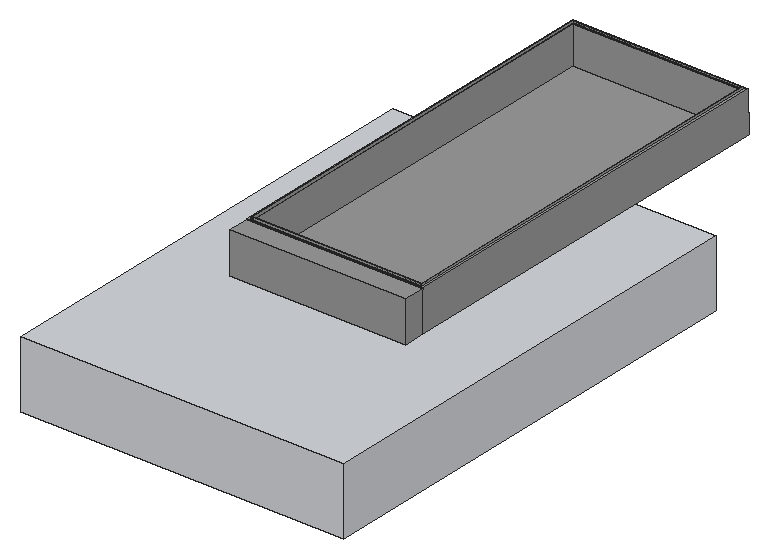
Revit family "Hager-Univers-IP30-D205-H1950-Cl.II-Encl-PL-en", category Equipement électrique, Revit 2020
Family settings
  Hôte = Face
  Configuration du panneau = Deux colonnes, circuits au sein
  Cote de connecteur circulaire = Utiliser le diamètre
  Type d'élément = Tableau de raccordement
  Couper avec des vides une fois chargée = Non
  Partagée = Non
  Point de calcul de pièce = Non
Parameters (values of type "Floor installation IP30 W800 H1950 D205  - FP23S1N")
  Width Control [instance] = if([EF000008 - Width] > Min Width, [EF000008 - Width], Min Width)  # 800 mm
  Commentaires du type = [HG000003 - Range]  # "Univers"
  Thickness Door [instance] = if([EF009171 - Material plate thickness door/cover] > 3 mm, 3 mm, [EF009171 - Material plate thickness door/cover])  # 1 mm
  Seal Frame Offset [instance] = 17 mm  # constant formula
  Plinth Visibility [instance] = [HG000027 - Plinth height] > 0 mm  # yes
  Model = ""
  Min Width [instance] = 100 mm  # constant formula
  Min Height [instance] = 100 mm  # constant formula
  Min Depth [instance] = (2 * [EF009170 - Material plate thickness cabinet]) + 1 mm  # 3 mm
  Internal Frame Depth [instance] = (Door System Depth * 0.5)  # 9 mm
  Height Control [instance] = if([EF000040 - Height] > Min Height, [EF000040 - Height], Min Height)  # 1950 mm
  HG000027 - Plinth height = 100 mm
  HG000026 - Floor standing = yes
  HG000024 - Bottom section height = 800 mm
  HG000023 - Double section enclosure = no
  HG000016 - Door 3d visibility [instance] = yes
  HG000015 - Clearance visibility [instance] = no
  HG000014 - Door on the right [instance] = yes
  HG000013 - Door on the left [instance] = not([HG000014 - Door on the right])  # no
  HG000012 - Door swing angle [instance] = 30.00°
  HG000010 - Asymmetric doors = no
  HG000009 - Double swing door = no
  HG000006 - Flush mounted = no
  HG000004 - Manufacturer reference = "FP23S1N"
  HG000003 - Range = "Univers"
  HG000002 - With door or cover = no
  Frame Offset Bottom [instance] = 10 mm  # constant formula
  Frame Offset [instance] = 15 mm  # constant formula
  EF015940 - Cover with overpressure release = no
  EF011959 - Degree of protection (NEMA) = ""
  EF009554 - Number of openings for flange plates = 6
  EF009212 - Cover model = "EV009916 - With notch"
  EF009171 - Material plate thickness door/cover = 1 mm
  EF009170 - Material plate thickness cabinet = 1 mm
  Fabricant = "Hager"  # constant formula
  EF008873 - Nominal current (In) = 400 A
  EF007800 - Suitable for lightning protection = no
  EF006306 - With lock = no
  EF006244 - Transparent cover/door = no
  EF005474 - Degree of protection (IP) = "EV006410 - IP30"
  EF004464 - Type of door = "EV000494 - None"
  EF004427 - Number of modules = 432
  EF004293 - Impact strength = "EV006813 - IK07"
  EF003532 - Suitable for outdoor use = no
  EF002950 - Width in number of modular spacings = 36
  EF001613 - Circuit integrity = "EV000494 - None"
  EF001596 - Material housing = "EV000179 - Steel"
  EF001131 - Internal depth = 130 mm
  EF001088 - Extension possible = yes
  EF000437 - Number of conduit inlets = 6
  EF000339 - Type of cover = "EV000494 - None"
  EF000266 - Number of rows = 12
  EF000218 - Built-in depth = 0 mm
  EF000118 - With mounting plate = no
  EF000116 - RAL-number = "9010"
  EF000049 - Depth = 205 mm
  EF000040 - Height = 1950 mm
  EF000008 - Width = 800 mm
  EF000007 - Colour = "EV000202 - White"
  EF000003 - Mounting method = "EV012274 - Floor installation"
  Door System Leaf Tolerance [instance] = 1.5 mm  # constant formula
  Door System Depth [instance] = 18 mm  # constant formula
  Door Height [instance] = Height Control - [HG000027 - Plinth height]  # 1850 mm
  Depth Control [instance] = if([EF000049 - Depth] > Min Depth, [EF000049 - Depth], Min Depth)  # 205 mm
  Default Elevation = 0 mm
  Connector Offset [instance] = Height Control / 2  # 975 mm
  Bottom Top Plate Trim [instance] = 1.5 mm  # constant formula
  Plinth height Ctrl [instance] = if([HG000027 - Plinth height] > 0 mm, [HG000027 - Plinth height], 12 mm)  # 100 mm
Types (4, lengths in mm): name | Width Control | HG000004 - Manufacturer reference | EF009554 - Number of openings for flange plates | EF008873 - Nominal current (In) | EF004427 - Number of modules | EF002950 - Width in number of modular spacings | EF000437 - Number of conduit inlets | EF000008 - Width
  Floor installation IP30 W1050 H1950 D205  - FP24S1N | 1050 | "FP24S1N" | 8 | 400 A | 576 | 48 | 8 | 1050
  Floor installation IP30 W300 H1950 D205  - FP21S1N | 300 | "FP21S1N" | 2 | 250 A | 144 | 12 | 2 | 300
  Floor installation IP30 W550 H1950 D205  - FP22S1N | 550 | "FP22S1N" | 4 | 400 A | 288 | 24 | 4 | 550
  Floor installation IP30 W800 H1950 D205  - FP23S1N | 800 | "FP23S1N" | 6 | 400 A | 432 | 36 | 6 | 800
Reference planes
  plane 1 "Center (Front/Back)": y = 0
  plane 2: z = 0
  plane 3 "Center (Left/Right)": x = 0
  plane 4: z = 205
  plane 5: y = 101
  plane 6: y = 1025
  plane 7: y = 100
  plane 8: y = 1950
  plane 9: z = 0
  plane 10: x = -385
  plane 11: x = 385
  plane 12: x = 384
  plane 13: x = -384
  plane 14: y = 1949
  plane 15: x = -383
  plane 16: x = -400
  plane 17: x = 383
  plane 18: x = 400
  plane 19: x = 399
  plane 20: x = -399
  plane 21: y = 111
  plane 22: y = 1950
  plane 23: y = 1934
  plane 24: z = 187
  plane 25: z = 1
  plane 26: z = 186
  plane 27: z = 204
Forms (mm)
  Extrusion 1, solid
    sketch origin (0, 0, 0) x (1, 0, 0) y (0, 1, 0)
      loop
        line (-702.964, 1305) -> (-702.964, -811.445) -> (766.763, -811.445) -> (766.763, 1305) -> (-702.964, 1305)
    from 0 to -304.8
  Extrusion 2, solid, material "Hager_Steel_RAL7035_Light_Grey", visible <- "Plinth Visibility", detail levels medium+fine
    sketch origin (0, 0, 0) x (1, 0, 0) y (0, 1, 0)
      loop
        line (-400, 0) -> (400, 0) -> (400, 100) -> (-400, 100) -> (-400, 0)
    from 0 to 187
  Extrusion 3, solid, material "Hager_Steel_RAL7035_Light_Grey", detail levels medium+fine
    sketch origin (0, 0, 0) x (1, 0, 0) y (0, 1, 0)
      loop
        line (-400, 100) -> (400, 100) -> (400, 1950) -> (-400, 1950) -> (-400, 100)
    from 0 to 187
  Extrusion 4, void
    sketch origin (0, 0, 0) x (1, 0, 0) y (0, 1, 0)
      loop
        line (-399, 101) -> (399, 101) -> (399, 1949) -> (-399, 1949) -> (-399, 101)
    from 1 to 186
  Extrusion 5, void
    sketch origin (-381.607, -4572, 187) x (0, -1, 0) y (-1, 0, 0)
      loop
        line (-4683, 2.393) -> (-6506, 2.393) -> (-6506, -765.607) -> (-4683, -765.607) -> (-4683, 2.393)
    from 0 to 1 <- "EF009170 - Material plate thickness cabinet"
  Extrusion 6, solid, material "Hager_Steel_RAL7035_Light_Grey", detail levels fine
    sketch origin (0, 0, 187) x (1, 0, 0) y (0, 1, 0)
      loop
        line (-384, 1934) -> (-384, 111) -> (384, 111) -> (384, 1934) -> (-384, 1934)
      loop
        line (-385, 110) -> (385, 110) -> (385, 1935) -> (-385, 1935) -> (-385, 110)
    from 0 to 9 <- "Internal Frame Depth"
  Extrusion 7, solid, material "Hager_Steel_RAL7035_Light_Grey", detail levels coarse
    sketch origin (0, 0, 0) x (1, 0, 0) y (0, 1, 0)
      loop
        line (-400, 0) -> (400, 0) -> (400, 1950) -> (-400, 1950) -> (-400, 0)
    from 0 to 205
  Sweep 8, void
    path in 3D
      loop
        line (-400, 100, 0) -> (400, 100, 0) -> (400, 100, 187) -> (-400, 100, 187) -> (-400, 100, 0)
    profile origin (-400, 100, 93.5) x (-1, 0, 0) y (0, -1, 0)
      loop
        line (0, 0) -> (0, 1.5) -> (-1.5, 1.5)
        arc (-1.5, 1.5) -> (-1.061, 0.439) -> (0, 0) r 1.5
Cuts and joins
  Extrusion 4, Extrusion 5 cuts Extrusion 3
  Sweep 8 cuts Extrusion 2
Lines and regions (mm)
  Masking region 1
    outline origin (0, 0, 0) x (1, 0, 0) y (0, 0, 1)
      loop
        line (-400, 205) -> (-400, 0) -> (400, 0) -> (400, 205) -> (-400, 205)
  Masking region 2, detail levels medium+fine
    outline origin (0, 140, 0) x (0, 1, 0) y (0, 0, 1)
      loop
        line (-40, 0) -> (1810, 0) -> (1810, 187) -> (-40, 187) -> (-40, 0)
  Masking region 3, not visible, detail levels medium+fine
    outline origin (0, 297.922, 0) x (0, 1, 0) y (0, 0, 1)
      loop
        line (738.578, 0) -> (778.578, 0) -> (778.578, 194)
        arc (778.578, 194) -> (775.649, 201.071) -> (768.578, 204) r 10
        line (768.578, 204) -> (738.578, 204) -> (738.578, 0)
  Masking region 4, detail levels coarse
    outline origin (0, 0, 180) x (0, 1, 0) y (0, 0, 1)
      loop
        line (0, -180) -> (1950, -180) -> (1950, 25) -> (0, 25) -> (0, -180)
  Masking region 5, visible <- "Plinth Visibility", detail levels medium+fine
    outline origin (0, 52.24, 12.345) x (0, 0, -1) y (0, 1, 0)
      loop
        line (10.845, 47.76) -> (-173.155, 47.76)
        arc (-173.155, 47.76) -> (-173.594, 46.699) -> (-174.655, 46.26) r 1.5
        line (-174.655, 46.26) -> (-174.655, -52.24) -> (12.345, -52.24) -> (12.345, 46.26)
        arc (12.345, 46.26) -> (11.285, 46.699) -> (10.845, 47.76) r 1.5
  Masking region 6, detail levels medium+fine
    outline origin (-381.607, -4572, 187) x (-1, 0, 0) y (0, -1, 0)
      loop
        line (18.393, -6522) -> (18.393, -4672) -> (-781.607, -4672) -> (-781.607, -6522) -> (18.393, -6522)
  Masking region 7, visible <- "Plinth Visibility", detail levels medium+fine
    outline origin (-381.607, -4727, 187) x (-1, 0, 0) y (0, -1, 0)
      loop
        arc (16.893, -4827) -> (17.332, -4825.939) -> (18.393, -4825.5) r 1.5
        line (18.393, -4825.5) -> (18.393, -4727) -> (-781.607, -4727) -> (-781.607, -4825.5)
        arc (-781.607, -4825.5) -> (-780.546, -4825.939) -> (-780.107, -4827) r 1.5
        line (-780.107, -4827) -> (16.893, -4827)
  Masking region 8, detail levels coarse
    outline origin (-442.548, -4669.526, 187) x (-1, 0, 0) y (0, -1, 0)
      loop
        line (-42.548, -6619.526) -> (-42.548, -4669.526) -> (-842.548, -4669.526) -> (-842.548, -6619.526) -> (-42.548, -6619.526)
  sketch lines
    curve 1: line (-400, 100, 187) -> (-400, 100, 0)
    curve 2: line (400, 100, 187) -> (-400, 100, 187)
    curve 3: line (400, 100, 187) -> (400, 100, 0)
    curve 4: line (-400, 100, 0) -> (400, 100, 0)
Dimensions and locks
  "Depth Control": plane 4 to Extrusion 1
  "HG000027 - Plinth height": plane 1 "Center (Front/Back)" to plane 7
  "EF009170 - Material plate thickness cabinet": plane 5 to plane 7
  locked: connector elem to plane 3 "Center (Left/Right)"
  equal spacing: plane 8, plane 6, plane 7
  locked: connector elem to plane 6
  "EF009170 - Material plate thickness cabinet": plane 8 to plane 14
  "EF009170 - Material plate thickness cabinet": plane 10 to plane 13
  "EF009170 - Material plate thickness cabinet": plane 12 to plane 11
  "Frame Offset": plane 20 to plane 13
  "Frame Offset": plane 12 to plane 19
  "EF009170 - Material plate thickness cabinet": plane 16 to plane 20
  "EF009170 - Material plate thickness cabinet": plane 19 to plane 18
  "Seal Frame Offset": plane 16 to plane 15
  "Seal Frame Offset": plane 17 to plane 18
  "Frame Offset Bottom": plane 21 to plane 5
  "Frame Offset": plane 14 to plane 23
  equal spacing: plane 16, plane 3 "Center (Left/Right)", plane 18
  "Width Control": plane 16 to plane 18
  "EF009170 - Material plate thickness cabinet": plane 4 to plane 27
  "EF009170 - Material plate thickness cabinet": plane 24 to plane 26
  "EF009170 - Material plate thickness cabinet": plane 25 to level
  "Door System Depth": plane 4 to plane 24
  "Height Control": plane 1 "Center (Front/Back)" to Extrusion 7 sketch curve
  "Height Control": Masking region 4 sketch curve to plane 1 "Center (Front/Back)"
  "Height Control": plane 1 "Center (Front/Back)" to plane 22
  "Bottom Top Plate Trim": profile plane to Sweep 8 sketch curve
  "Bottom Top Plate Trim": Sweep 8 sketch curve to profile plane
  "Plinth height Ctrl": plane 1 "Center (Front/Back)" to Extrusion 2 sketch curve
  "Plinth height Ctrl": Masking region 5 sketch curve to plane 1 "Center (Front/Back)"
  "Plinth height Ctrl": plane 1 "Center (Front/Back)" to Masking region 7 sketch curve
  "Thickness Door": Extrusion 6 sketch curve to Extrusion 6 sketch curve  (x3)
  "Thickness Door": cut or joined group of Extrusion 3, Extrusion 4, Extrusion 5 to Extrusion 6 sketch curve
  radius of Masking region 3 sketch curve = 10 mm
  "Bottom Top Plate Trim": radius of Masking region 5 sketch curve  (x2)
  "Bottom Top Plate Trim": radius of Sweep 8 sketch curve
  "Bottom Top Plate Trim": radius of Masking region 7 sketch curve  (x2)
  aligned and locked: plane 2 to Extrusion 1
  aligned and locked: level to Extrusion 1
  aligned and locked: level to Masking region 1 sketch curve
  aligned and locked: Masking region 1 sketch curve to plane 18
  aligned and locked: Masking region 1 sketch curve to plane 16
  aligned and locked: plane 7 to Masking region 2 sketch curve
  aligned and locked: level to Masking region 3 sketch curve
  aligned and locked: Masking region 3 sketch curve to plane 27
  aligned and locked: level to Masking region 2 sketch curve
  aligned and locked: plane 1 "Center (Front/Back)" to Extrusion 2 sketch curve
  aligned and locked: Extrusion 3 sketch curve to plane 7
  aligned and locked: plane 16 to Extrusion 3 sketch curve
  aligned and locked: plane 18 to Extrusion 3 sketch curve
  aligned and locked: plane 20 to Extrusion 4 sketch curve
  aligned and locked: plane 19 to Extrusion 4 sketch curve
  aligned and locked: Extrusion 4 sketch curve to plane 5
  aligned and locked: Extrusion 4 to plane 25
  aligned and locked: plane 26 to Extrusion 4
  aligned and locked: plane 24 to Extrusion 3
  aligned and locked: Extrusion 5 sketch curve to plane 21
  aligned and locked: Extrusion 5 sketch curve to plane 13
  aligned and locked: Extrusion 5 sketch curve to plane 12
  aligned and locked: plane 18 to Extrusion 7 sketch curve
  aligned and locked: plane 1 "Center (Front/Back)" to Extrusion 7 sketch curve
  aligned and locked: plane 16 to Extrusion 7 sketch curve
  aligned and locked: plane 4 to Extrusion 7
  aligned and locked: Extrusion 7 to level
  aligned and locked: level to Masking region 4 sketch curve
  aligned and locked: Masking region 4 sketch curve to plane 1 "Center (Front/Back)"
  aligned and locked: Masking region 4 sketch curve to plane 4
  aligned and locked: nested 1 to level
  aligned and locked: nested 1 to plane 16
  aligned and locked: plane 8 to Extrusion 3 sketch curve
  aligned and locked: plane 23 to Extrusion 5 sketch curve
  aligned and locked: plane 14 to Extrusion 4 sketch curve
  aligned and locked: Masking region 2 sketch curve to plane 8
  aligned and locked: level to Masking region 5 sketch curve
  aligned and locked: plane 16 to Extrusion 2 sketch curve
  aligned and locked: plane 18 to Extrusion 2 sketch curve
  aligned and locked: Masking region 5 sketch curve to plane 24
  aligned and locked: Masking region 2 sketch curve to plane 24
  aligned and locked: plane 24 to Extrusion 2
  aligned and locked: profile plane to Sweep 8 sketch curve  (x2)
  aligned and locked: Masking region 6 sketch curve to plane 18
  aligned and locked: Masking region 6 sketch curve to plane 22
  aligned and locked: Masking region 6 sketch curve to plane 16
  aligned and locked: plane 8 to plane 22
  aligned and locked: Masking region 6 sketch curve to plane 7
  aligned and locked: Masking region 7 sketch curve to plane 16
  aligned and locked: Masking region 7 sketch curve to plane 1 "Center (Front/Back)"
  aligned and locked: Masking region 7 sketch curve to plane 18
  aligned and locked: Masking region 8 sketch curve to plane 1 "Center (Front/Back)"
  aligned and locked: Masking region 8 sketch curve to plane 18
  aligned and locked: Masking region 8 sketch curve to plane 22
  aligned and locked: Masking region 8 sketch curve to plane 16
  aligned and locked: nested 2 to plane 7
  aligned and locked: plane 3 "Center (Left/Right)" to nested 2
  aligned and locked: nested 2 to plane 24
  aligned and locked: Extrusion 6 sketch curve to cut or joined group of Extrusion 3, Extrusion 4, Extrusion 5  (x4)
Automatic sketch dimensions
  Extrusion 1 sketch curve to Extrusion 1 sketch curve = 1469.727 mm
  Extrusion 1 sketch curve to Extrusion 1 sketch curve = 2116.445 mm
  Masking region 1 sketch curve to plane 4 = 0 mm
  plane 6 to Masking region 3 sketch curve = 11.5 mm
  Masking region 3 sketch curve to Masking region 3 sketch curve = 30 mm
  Masking region 5 sketch curve to plane 1 "Center (Front/Back)" = 0 mm
Nested families
  nested 1: "Hager_Enclosure_Symbol" at (-400, 0, 0) x (1, 0, 0) z (0, -1, 0), Height <- "Depth Control", Width <- "Width Control", type "Hager_Enclosure_Symbol"
    with Width_Ctrl 800 mm, Width 800 mm, Height_Ctrl 205 mm, Height 205 mm, A_Width_Int 13.453 mm, A_Width 161.438 mm, A_Height_Ctrl 179.375 mm, A_Height 179.375 mm
  nested 2: "EC000058_Univers_Door" at (0, 100, 187) x (1, 0, 0) z (0, 1, 0), Leaf_Tolerance <- "Door System Leaf Tolerance", Angle <- "HG000012 - Door swing angle", Door_Depth <- "Door System Depth", Door_Left <- "HG000013 - Door on the left", Transparent <- "EF006244 - Transparent cover/door", Assymetrical <- "HG000010 - Asymmetric doors", Width <- "Width Control", Clearance <- "HG000015 - Clearance visibility", Double <- "HG000009 - Double swing door", 3d_Door <- "HG000016 - Door 3d visibility", Lock_Visibility <- "EF006306 - With lock", Width_Ctrl <- "Width Control", Door_Right <- "HG000014 - Door on the right", Door <- "HG000002 - With door or cover", Height <- "Door Height", Thickness <- "Thickness Door", type "EC000058_Univers_Door", detail levels medium+fine
    with min_wh 3 mm, Width_Ctrl 800 mm, Width 800 mm, Transparent no, Thickness 1 mm, Seal_Material Hager_Rubber, Lock_Visibility no, Lock_Material Hager_Plastic_RAL9005_Jet_Black, Leaf_Width 800 mm, Leaf_Tolerance_External_Sides 0 mm, Leaf_Tolerance 1.5 mm, Leaf_Offset 0 mm, Leaf_Height 1847 mm, Leaf_2_Width 800 mm, Leaf_2_Offset 400 mm, Leaf_1_Width 800 mm, Leaf_1_Offset 400 mm, Height_Ctrl 1850 mm, Height 1850 mm, Glass_Material Hager_Glass, Double_Clearance_Ctrl no, Double no, Door_Right_Ctrl no, Door_Right yes, Door_Material Hager_Steel_RAL7035_Light_Grey, Door_Left_Ctrl no, Door_Left no, Door_Depth 18 mm, Door no, Clearance_Material Hager_Clearance, Clearance_Depth 800 mm, Clearance_Ctrl no, Clearance no, Assymetrical no, Angle 30.00°, 3d_Door yes
Connectors
  electrical at (0, 1025, 0)
    settings: on plane 9, index 1, voltage 0 V, apparent load 0 VA, apparent load phase1 0 VA, apparent load phase2 0 VA, apparent load phase3 0 VA, power factor 1, load classification "Other", number of poles 1, system type 30, power factor state 1, is connector primary yes, connector utility no, sub classification motor no, connector description ""
Definition of nested family "Hager_Enclosure_Symbol"
  Parameters (values of type "Hager_Enclosure_Symbol")
    Width_Ctrl [instance] = if(Width > 1 mm, Width, 1 mm)  # 102.27 mm
    Width [instance] = 102.27 mm
    Height_Ctrl [instance] = if(Height > 1 mm, Height, 1 mm)  # 66.5 mm
    A_Width_Int [instance] = if(A_Width / 12 > 2 mm, A_Width / 12, 2 mm)  # 4.364 mm
    A_Width [instance] = if(A_Height_Ctrl * 0.9 > 2 mm, A_Height_Ctrl * 0.9, 2 mm)  # 52.369 mm
    A_Height_Ctrl [instance] = if(A_Height > 2 mm, A_Height, 2 mm)  # 58.188 mm
    Height [instance] = 66.5 mm
    A_Height [instance] = Height - (Height / 8)  # 58.188 mm
  Reference planes
    plane 1 "Centre (avant/arrière)": y = 0
    plane 2: z = 0
    plane 3 "Centre (gauche/droite)": x = 0
    plane 4: x = 52.369
    plane 5: y = 33.042
    plane 6: y = 41.77
    plane 7: y = 66.5
    plane 8: x = 26.184
    plane 9: y = 37.406
    plane 10: x = 102.27
    plane 11: y = 66.5
    plane 12: y = 8.313
  Lines and regions (mm)
    Filled region 1, type "Solid_Black", in view "Niveau de réf."
      outline origin (0, 0, 0) x (1, 0, 0) y (0, 1, 0)
        loop
          line (52.369, 66.5) -> (33.188, 54.536) -> (45.365, 45.006) -> (52.369, 66.5)
    Filled region 2, type "Solid_Black", in view "Niveau de réf."
      outline origin (0, 0, 0) x (1, 0, 0) y (0, 1, 0)
        loop
          line (0, 0) -> (102.27, 0) -> (102.27, 66.5) -> (0, 0)
    detail lines, in view "Niveau de réf."
      curve 1: line (0, 8.313, 0) -> (26.184, 41.77, 0)
      curve 2: line (26.184, 41.77, 0) -> (26.184, 33.042, 0)
      curve 3: line (26.184, 33.042, 0) -> (52.369, 66.5, 0)
  Dimensions and locks
    "A_Width": plane 3 "Centre (gauche/droite)" to plane 4
    equal spacing: plane 3 "Centre (gauche/droite)", plane 8, plane 4
    equal spacing: plane 6, plane 9, plane 5
    equal spacing: curve 3, Filled region 1 sketch curve, Filled region 1 sketch curve
    "Height_Ctrl": plane 1 "Centre (avant/arrière)" to plane 11
    "A_Height_Ctrl": plane 11 to plane 12
    equal spacing: plane 11, plane 9, plane 12
    "A_Width_Int": plane 6 to plane 9
    "Width_Ctrl": plane 3 "Centre (gauche/droite)" to plane 10
    angle Filled region 1 sketch curve to curve 3 = 20.00°
    angle curve 3 to Filled region 1 sketch curve = 20.00°
    locked: curve 3 to Filled region 1 sketch curve (angle 90.00°)
    aligned and locked: plane 10 to Filled region 2
    aligned and locked: plane 11 to Filled region 2 sketch curve
    aligned and locked: plane 10 to Filled region 2 sketch curve
    aligned and locked: plane 3 "Centre (gauche/droite)" to curve 1
    aligned and locked: plane 12 to curve 1
    aligned and locked: plane 7 to plane 11
  Automatic sketch dimensions
    Filled region 1 sketch curve to plane 4 = 0 mm
    Filled region 1 sketch curve to plane 7 = 0 mm
    plane 1 "Centre (avant/arrière)" to Filled region 2 sketch curve = 0 mm
    Filled region 2 sketch curve to plane 3 "Centre (gauche/droite)" = 0 mm
    curve 2 to plane 6 = 0 mm
    curve 2 to plane 8 = 0 mm
    curve 3 to plane 4 = 0 mm
    curve 2 to plane 5 = 0 mm
    curve 3 to plane 7 = 0 mm
Definition of nested family "EC000058_Univers_Door"
  Parameters (values of type "EC000058_Univers_Door")
    min_wh [instance] = (2 * Thickness) + 1 mm  # 11 mm
    Width_Ctrl [instance] = 400 mm
    Width [instance] = 500 mm
    Transparent [instance] = yes
    Thickness [instance] = 5 mm
    Seal_Material [instance] = none
    Lock_Visibility [instance] = yes
    Lock_Material [instance] = none
    Leaf_Width [instance] = if((Width_Ctrl - 2 * Leaf_Tolerance_External_Sides) > 0 mm, (Width_Ctrl - 2 * Leaf_Tolerance_External_Sides), min_wh)  # 400 mm
    Leaf_Tolerance_External_Sides [instance] = 0 mm  # constant formula
    Leaf_Tolerance [instance] = 1.5 mm
    Leaf_Offset [instance] = 0 mm  # constant formula
    Leaf_Height [instance] = if((Height_Ctrl - 2 * Leaf_Tolerance) > 0 mm, (Height_Ctrl - 2 * Leaf_Tolerance), min_wh)  # 497 mm
    Leaf_2_Width [instance] = if(and(and(Double, Assymetrical), Door_Left), (Leaf_Width / 3) - (Leaf_Tolerance / 2), if(and(and(Double, Assymetrical), Door_Right), (Leaf_Width / 3) * 2 - (Leaf_Tolerance / 2), if(and(Double, not(Assymetrical)), (Leaf_Width / 2) - Leaf_Tolerance, Leaf_Width)))  # 400 mm
    Leaf_2_Offset [instance] = if(and(Double, Assymetrical), Leaf_2_Width / 2, if(and(Double, not(Assymetrical)), Leaf_Width / 4, Leaf_Width / 2))  # 200 mm
    Leaf_1_Width [instance] = if(and(and(Double, Assymetrical), Door_Right), (Leaf_Width / 3) - (Leaf_Tolerance / 2), if(and(and(Double, Assymetrical), Door_Left), (Width / 3) * 2 - (Leaf_Tolerance / 2), if(and(Double, not(Assymetrical)), (Leaf_Width / 2) - Leaf_Tolerance, Leaf_Width)))  # 400 mm
    Leaf_1_Offset [instance] = if(and(Double, Assymetrical), Leaf_1_Width / 2, if(and(Double, not(Assymetrical)), Leaf_Width / 4, Leaf_Width / 2))  # 200 mm
    Height_Ctrl [instance] = if(Height > min_wh, Height, min_wh)  # 500 mm
    Height [instance] = 500 mm
    Glass_Material [instance] = none
    Double_Clearance_Ctrl [instance] = and(Double, Clearance)  # no
    Double [instance] = no
    Door_Right_Ctrl [instance] = and(or(Door_Right, Double), Door)  # yes
    Door_Right [instance] = yes
    Door_Material [instance] = none
    Door_Left_Ctrl [instance] = and(or(Door_Left, Double), Door)  # no
    Door_Left [instance] = no
    Door_Depth [instance] = 30 mm
    Door [instance] = yes
    Default Elevation = 1219.2 mm
    Clearance_Material [instance] = none
    Clearance_Depth [instance] = if(Leaf_1_Width > Leaf_2_Width, Leaf_1_Width, Leaf_2_Width)  # 400 mm
    Clearance_Ctrl [instance] = and(not(Double), Clearance)  # yes
    Clearance [instance] = yes
    Assymetrical [instance] = yes
    Angle [instance] = 30.00°
    3d_Door [instance] = yes
  Reference planes
    plane 1 "Center (Front/Back)": y = 0
    plane 2 "Bottom": z = 0
    plane 3 "Center (Left/Right)": x = 0
    plane 4: z = 500
    plane 5: x = -200
    plane 6: x = 200
    plane 7: z = 500
    plane 8: x = -200
    plane 9: z = 0
    plane 10: x = 200
    plane 11: y = 0
    plane 12: z = 1.5
    plane 13: x = -600
    plane 14: y = -400
    plane 15: x = 600
    plane 16: x = 0
    plane 17: x = 0
    plane 18: x = -200
    plane 19: x = 200
    plane 20: z = 498.5
  Forms (mm)
    Extrusion 1, solid, material <- "Clearance_Material", visible <- "Double_Clearance_Ctrl"
      sketch origin (1200, 0, 0) x (1, 0, 0) y (0, 0, -1)
        loop
          line (-1800, -498.5) -> (-600, -498.5) -> (-600, 0) -> (-1800, 0) -> (-1800, -498.5)
      from 0 to -400
  Dimensions and locks
    equal spacing: plane 5, plane 3 "Center (Left/Right)", plane 6
    "Width_Ctrl": plane 5 to plane 6
    "Leaf_Offset": plane 5 to plane 8
    "Leaf_Offset": plane 6 to plane 10
    "Leaf_Offset": plane 9 to level
    "Leaf_Offset": plane 4 to plane 7
    "Height_Ctrl": plane 4 to level
    "Leaf_Tolerance": plane 12 to plane 9
    locked: plane 11 to plane 1 "Center (Front/Back)"
    "Leaf_1_Offset": plane 18 to plane 16
    "Leaf_2_Offset": plane 17 to plane 19
    "Leaf_1_Width": plane 13 to plane 8
    "Leaf_2_Width": plane 10 to plane 15
    "Clearance_Depth": plane 14 to plane 1 "Center (Front/Back)"
    "Leaf_Tolerance_External_Sides": plane 8 to plane 18
    "Leaf_Tolerance_External_Sides": plane 19 to plane 10
    "Leaf_Tolerance": plane 7 to plane 20
    aligned and locked: level to plane 2 "Bottom"
    aligned and locked: nested 1 to plane 16
    aligned and locked: nested 2 to plane 17
    aligned and locked: Extrusion 1 to plane 13
    aligned and locked: plane 15 to Extrusion 1
    aligned and locked: Extrusion 1 to plane 14
    aligned and locked: plane 12 to nested 1
    aligned and locked: nested 2 to plane 12
    aligned and locked: Extrusion 1 to plane 11
    aligned and locked: plane 20 to Extrusion 1
    aligned and locked: nested 2 to plane 11
    aligned and locked: nested 1 to plane 11
  Automatic sketch dimensions
    Extrusion 1 sketch curve to level = 0 mm
    plane 5 to Extrusion 1 sketch curve = 400 mm
    plane 6 to Extrusion 1 sketch curve = 400 mm
    Extrusion 1 sketch curve to plane 4 = 1.5 mm
  Nested families
    nested 1: "EC000058_Univers_Door_Leaf" at (0, 0, 1.5), Width <- "Leaf_1_Width", visible <- "Door_Left_Ctrl", Leaf_Height <- "Leaf_Height", Angle <- "Angle", 3d_Door <- "3d_Door", Transparent <- "Transparent", Clearance Material <- "Clearance_Material", Clearance <- "Clearance_Ctrl", Door_Material <- "Door_Material", Glass_Material <- "Glass_Material", Door_Depth <- "Door_Depth", Lock_Material <- "Lock_Material", Seal_Material <- "Seal_Material", Lock_Visibility <- "Lock_Visibility", Thickness <- "Thickness", type "EC000058_Univers_Door_Leaf"
      with Width 400 mm, Transparent_Glass_Offset 30 mm, Transparent_Ctrl yes, Transparent yes, Thickness 5 mm, Standard no, Seal_Material none, Seal_D2 8 mm, Seal_D1 1 mm, Offset_Internal_Frame 10 mm, Lock_Width 20 mm, Lock_Visibility_3d yes, Lock_Visibility yes, Lock_Thickness_3 3 mm, Lock_Thickness_2 1 mm, Lock_Thickness_1 3 mm, Lock_Radius_Offset_2 16 mm, Lock_Radius_Offset_1 15 mm, Lock_Radius_2 5 mm, Lock_Radius 6 mm, Lock_Offset 5 mm, Lock_Material none, Lock_Height 80 mm, Lock_Cover_Top_Offset_2d 17 mm, Lock_Cover_Height -65 mm, Leaf_Height 497 mm, Internal_Seal_Thickness 8 mm, Internal_Seal_Depth_2 4.5 mm, Internal_Frame_Depth 25 mm, Glass_Thickness -1 mm, Glass_Offset -2 mm, Glass_Material none, Door_Material none, Door_Depth 30 mm, Clearance Material none, Clearance yes, Angle_Ctrl 30.00°, Angle 30.00°, 3d_Door yes
    nested 2: "EC000058_Univers_Door_Leaf" at (0, 0, 1.5) x (-1, 0, 0) z (0, 0, 1), Width <- "Leaf_2_Width", visible <- "Door_Right_Ctrl", Leaf_Height <- "Leaf_Height", Angle <- "Angle", 3d_Door <- "3d_Door", Transparent <- "Transparent", Clearance Material <- "Clearance_Material", Clearance <- "Clearance_Ctrl", Door_Material <- "Door_Material", Glass_Material <- "Glass_Material", Door_Depth <- "Door_Depth", Lock_Material <- "Lock_Material", Seal_Material <- "Seal_Material", Lock_Visibility <- "Lock_Visibility", Thickness <- "Thickness", type "EC000058_Univers_Door_Leaf"
      with Width 400 mm, Transparent_Glass_Offset 30 mm, Transparent_Ctrl yes, Transparent yes, Thickness 5 mm, Standard no, Seal_Material none, Seal_D2 8 mm, Seal_D1 1 mm, Offset_Internal_Frame 10 mm, Lock_Width 20 mm, Lock_Visibility_3d yes, Lock_Visibility yes, Lock_Thickness_3 3 mm, Lock_Thickness_2 1 mm, Lock_Thickness_1 3 mm, Lock_Radius_Offset_2 16 mm, Lock_Radius_Offset_1 15 mm, Lock_Radius_2 5 mm, Lock_Radius 6 mm, Lock_Offset 5 mm, Lock_Material none, Lock_Height 80 mm, Lock_Cover_Top_Offset_2d 17 mm, Lock_Cover_Height -65 mm, Leaf_Height 497 mm, Internal_Seal_Thickness 8 mm, Internal_Seal_Depth_2 4.5 mm, Internal_Frame_Depth 25 mm, Glass_Thickness -1 mm, Glass_Offset -2 mm, Glass_Material none, Door_Material none, Door_Depth 30 mm, Clearance Material none, Clearance yes, Angle_Ctrl 30.00°, Angle 30.00°, 3d_Door yes
  Definition of nested family "EC000058_Univers_Door_Leaf"
    Parameters (values of type "EC000058_Univers_Door_Leaf")
      Width [instance] = 2000 mm
      Transparent_Glass_Offset [instance] = 30 mm
      Transparent_Ctrl [instance] = and(Transparent, [3d_Door])  # yes
      Transparent [instance] = yes
      Thickness [instance] = 5 mm
      Standard [instance] = and(not(Transparent), [3d_Door])  # no
      Seal_Material [instance] = none
      Seal_D2 [instance] = 8 mm  # constant formula
      Seal_D1 [instance] = 1 mm  # constant formula
      Offset_Internal_Frame [instance] = 10 mm  # constant formula
      Lock_Width [instance] = 20 mm  # constant formula
      Lock_Visibility_3d [instance] = and(Lock_Visibility, [3d_Door])  # yes
      Lock_Visibility [instance] = yes
      Lock_Thickness_3 [instance] = 3 mm  # constant formula
      Lock_Thickness_2 [instance] = 1 mm  # constant formula
      Lock_Thickness_1 [instance] = 3 mm  # constant formula
      Lock_Radius_Offset_2 [instance] = Lock_Radius_Offset_1 + 1 mm  # 16 mm
      Lock_Radius_Offset_1 [instance] = 15 mm  # constant formula
      Lock_Radius_2 [instance] = Lock_Radius - 1 mm  # 5 mm
      Lock_Radius [instance] = 6 mm  # constant formula
      Lock_Offset [instance] = 5 mm  # constant formula
      Lock_Material [instance] = none
      Lock_Height [instance] = 80 mm  # constant formula
      Lock_Cover_Top_Offset_2d [instance] = Lock_Radius_Offset_2 + 1 mm  # 17 mm
      Lock_Cover_Height [instance] = -(Lock_Height - Lock_Radius_Offset_1)  # -65 mm
      Leaf_Height [instance] = 2720.336 mm
      Internal_Seal_Thickness [instance] = 8 mm  # constant formula
      Internal_Seal_Depth_2 [instance] = 4.5 mm  # constant formula
      Internal_Frame_Depth [instance] = if(Door_Depth - Thickness > 5 mm, Door_Depth - Thickness, 5 mm)  # 25 mm
      Glass_Thickness [instance] = if(Thickness > 15 mm, Glass_Offset + 10 mm, -1 mm)  # -1 mm
      Glass_Offset [instance] = if(Thickness > 15 mm, -(Thickness + 10 mm) / 2, -2 mm)  # -2 mm
      Glass_Material [instance] = none
      Door_Material [instance] = none
      Door_Depth [instance] = 30 mm
      Default Elevation = 0 mm
      Clearance Material [instance] = none
      Clearance [instance] = yes
      Angle_Ctrl [instance] = if(Angle > 180.00°, 180.00°, Angle)  # 90.00°
      Angle [instance] = 90.00°
      3d_Door [instance] = yes
    Reference planes
      plane 1 "Center (Front/Back)": y = 0
      plane 2: z = 0
      plane 3 "Center (Left/Right)": x = 0
      plane 4: y = 2000
      plane 5: x = -1000
      plane 6: x = 1000
      plane 7: x = -3000
      plane 8: z = 2720.336
      plane 9: z = 30
      plane 10: z = 2690.336
      plane 11: x = 970
      plane 12: x = -970
      plane 13: y = -3
      plane 14: z = 107.833
      plane 15: y = -5
      plane 16: y = -223.314
      plane 17: x = -1000
      plane 18: z = 1360.168
      plane 19: y = 30
    Forms (mm)
      Extrusion 1, solid, material <- "Clearance Material", visible <- "Clearance"
        sketch origin (0, 0, 0) x (1, 0, 0) y (0, 0, 1)
          loop
            line (-3000, 2720.336) -> (-3000, 0) -> (1000, 0) -> (1000, 2720.336) -> (-3000, 2720.336)
        from 0 to -2000
      Extrusion 2, solid, material <- "Door_Material", visible <- "Standard", detail levels medium+fine
        sketch origin (-1000, 0, 0) x (0, 1, 0) y (-1, 0, 0)
          loop
            line (0, 30) -> (0, 25) -> (2000, 25) -> (2000, 30) -> (0, 30)
        from 0 to 2720.336 <- "Leaf_Height"
      Extrusion 3, solid, material <- "Door_Material", visible <- "Transparent_Ctrl", detail levels medium+fine
        sketch origin (-1000, 0, 0) x (0, 1, 0) y (-1, 0, 0)
          loop
            line (0, 25) -> (2000, 25) -> (2000, 30) -> (0, 30) -> (0, 25)
        from 0 to 2720.336 <- "Leaf_Height"
      Extrusion 4, void
        sketch origin (-1025, 2000, 0) x (0, 1, 0) y (0, 0, -1)
          loop
            line (-30, -2690.336) -> (-30, -30) -> (-1970, -30) -> (-1970, -2690.336) -> (-30, -2690.336)
        from 0 to 5 <- "Thickness"
      Sweep 5, solid, material <- "Seal_Material", visible <- "Transparent_Ctrl", detail levels fine
        path in 3D
          loop
            line (-1025, 30, 30) -> (-1025, 30, 2690.336) -> (-1025, 1970, 2690.336) -> (-1025, 1970, 30) -> (-1025, 30, 30)
        profile origin (-1025, 1000, 30) x (1, 0, 0) y (0, 0, 1)
          loop
            line (0, 0) -> (0, -8) -> (1, -8) -> (1, 0) -> (0, 0)
      Extrusion 6, solid, material <- "Glass_Material", visible <- "Transparent_Ctrl", detail levels medium+fine
        sketch origin (-1030, 0, 0) x (0, 1, 0) y (0, 0, -1)
          loop
            line (1970, -2690.336) -> (1970, -30) -> (30, -30) -> (30, -2690.336) -> (1970, -2690.336)
        from -2 <- "Glass_Offset" to -1 <- "Glass_Thickness"
      Extrusion 7, solid, material <- "Door_Material", visible <- "3d_Door", detail levels medium+fine
        sketch origin (-1025, 2000, 0) x (0, -1, 0) y (0, 0, -1)
          loop
            line (0, -2720.336) -> (2000, -2720.336) -> (2000, 0) -> (0, 0) -> (0, -2720.336)
          loop
            line (1995, -5) -> (5, -5) -> (5, -2715.336) -> (1995, -2715.336) -> (1995, -5)
        from 0 to 25 <- "Internal_Frame_Depth"
      Sweep 8, solid, material <- "Seal_Material", visible <- "Transparent_Ctrl", detail levels fine
        path in 3D
          loop
            line (-1025, 0, 0) -> (-1025, 2000, 0) -> (-1025, 2000, 2720.336) -> (-1025, 0, 2720.336) -> (-1025, 0, 0)
        profile origin (-1025, 0, 1360.168) x (1, 0, 0) y (0, 1, 0)
          loop
            line (0, 10) -> (2.975, 10)
            arc (2.975, 10) -> (4.053, 10.447) -> (4.5, 11.525) r 1.525
            line (4.5, 11.525) -> (4.5, 16.527)
            arc (4.5, 16.527) -> (4.069, 17.569) -> (3.027, 18) r 1.473
            line (3.027, 18) -> (0, 18) -> (0, 10)
      Extrusion 9, solid, material <- "Lock_Material", visible <- "Lock_Visibility_3d", detail levels fine
        sketch origin (-1030, 0, 0) x (0, 1, 0) y (0, 0, -1)
          loop
            arc (1993.5, -1400.168) -> (1994.561, -1399.729) -> (1995, -1398.668) r 1.5
            line (1995, -1398.668) -> (1995, -1320.168) -> (1975, -1320.168) -> (1975, -1398.668)
            arc (1975, -1398.668) -> (1975.439, -1399.729) -> (1976.5, -1400.168) r 1.5
            line (1976.5, -1400.168) -> (1993.5, -1400.168)
        from 3 <- "Lock_Thickness_1" to 0
      Blend 10, solid, material <- "Lock_Material", visible <- "Lock_Visibility_3d", detail levels fine
        base sketch origin (-1033, 0, 0) x (0, 1, 0) y (0, 0, -1)
          loop
            line (1975, -1320.168) -> (1975, -1398.668)
            arc (1975, -1398.668) -> (1975.439, -1399.729) -> (1976.5, -1400.168) r 1.5
            line (1976.5, -1400.168) -> (1993.5, -1400.168)
            arc (1993.5, -1400.168) -> (1994.561, -1399.729) -> (1995, -1398.668) r 1.5
            line (1995, -1398.668) -> (1995, -1320.168) -> (1975, -1320.168)
        top sketch origin (-1033, 0, 0) x (0, 1, 0) y (0, 0, -1)
          loop
            line (1976, -1320.168) -> (1976, -1398.668)
            arc (1976, -1398.668) -> (1976.146, -1399.022) -> (1976.5, -1399.168) r 0.5
            line (1976.5, -1399.168) -> (1993.5, -1399.168)
            arc (1993.5, -1399.168) -> (1993.854, -1399.022) -> (1994, -1398.668) r 0.5
            line (1994, -1398.668) -> (1994, -1320.168) -> (1976, -1320.168)
        from 0 to 1 <- "Lock_Thickness_2"
      Blend 11, solid, material <- "Lock_Material", visible <- "Lock_Visibility_3d", detail levels fine
        base sketch origin (-1034, 0, 0) x (0, 1, 0) y (0, 0, -1)
          loop
            line (1978, -1320.168) -> (1978, -1384.168)
            arc (1978, -1384.168) -> (1985, -1391.168) -> (1992, -1384.168) r 7
            line (1992, -1384.168) -> (1992, -1320.168) -> (1978, -1320.168)
        top sketch origin (-1034, 0, 0) x (0, 1, 0) y (0, 0, -1)
          loop
            line (1991, -1320.168) -> (1979, -1320.168) -> (1979, -1383.168)
            arc (1979, -1383.168) -> (1985, -1389.168) -> (1991, -1383.168) r 6
            line (1991, -1383.168) -> (1991, -1320.168)
        from 0 to 3 <- "Lock_Thickness_3"
      Extrusion 12, solid, material <- "Lock_Material", visible <- "Lock_Visibility_3d", detail levels fine
        sketch origin (-1030, 1975, 1320.168) x (1, 0, 0) y (0, -1, 0)
          loop
            line (-7, -19) -> (-7, -1) -> (0, -1) -> (0, 0) -> (-8, 0) -> (-8, -20) -> (0, -20) -> (0, -19) -> (-7, -19)
        from 0 to -65 <- "Lock_Cover_Height"
      Extrusion 13, void
        sketch origin (-1038, 1995, 1320.168) x (-1, 0, 0) y (0, 0, -1)
          loop
            line (-5, -65) -> (0, -65) -> (-5, -60) -> (-5, -65)
        from 0 to 20 <- "Lock_Width"
      Extrusion 14, void
        sketch origin (-1038, 1975, 1320.168) x (0, -1, 0) y (0, 0, -1)
          loop
            circle (-10, -15.995) r 6
          loop
            circle (-10, -15.995) r 5
        from 0 to 2
      Extrusion 15, solid, material <- "Lock_Material", visible <- "Lock_Visibility_3d", detail levels medium
        sketch origin (-1030, 0, 0) x (0, 1, 0) y (0, 0, -1)
          loop
            arc (1993.5, -1400.168) -> (1994.561, -1399.729) -> (1995, -1398.668) r 1.5
            line (1995, -1398.668) -> (1995, -1320.168) -> (1975, -1320.168) -> (1975, -1398.668)
            arc (1975, -1398.668) -> (1975.439, -1399.729) -> (1976.5, -1400.168) r 1.5
            line (1976.5, -1400.168) -> (1993.5, -1400.168)
        from 8 to 0
    Cuts and joins
      Extrusion 4 cuts Extrusion 3
      Extrusion 13, Extrusion 14 cuts Extrusion 9
      Extrusion 14 cuts Blend 11
      Extrusion 13, Extrusion 14 cuts Extrusion 12
      joined: Extrusion 9, Blend 10, Blend 11, Extrusion 12
      Extrusion 14 cuts Extrusion 15
    Lines and regions (mm)
      Masking region 1, visible <- "Lock_Visibility", detail levels fine
        outline origin (0, 0, 0) x (0, 1, 0) y (0, 0, 1)
          loop
            line (30, 1320.168) -> (33, 1320.168) -> (33, 1400.168) -> (30, 1400.168) -> (30, 1320.168)
      Masking region 2, visible <- "Lock_Visibility", detail levels fine
        outline origin (0, 3.143, 0) x (0, 1, 0) y (0, 0, 1)
          loop
            line (29.857, 1354.168) -> (30.857, 1354.168) -> (30.857, 1366.168) -> (29.857, 1366.168) -> (29.857, 1354.168)
      Masking region 3, detail levels medium+fine
        outline origin (0, 0, 0) x (0, 1, 0) y (0, 0, 1)
          loop
            line (0, 0) -> (30, 0) -> (30, 2720.336) -> (0, 2720.336) -> (0, 0)
      Masking region 4, detail levels medium+fine
        outline origin (0, 0, 0) x (1, 0, 0) y (0, 0, 1)
          loop
            line (-1000, 2720.336) -> (-1000, 0) -> (1000, 0) -> (1000, 2720.336) -> (-1000, 2720.336)
      Masking region 5, visible <- "Lock_Visibility", detail levels fine
        outline origin (-47.116, 0, 0) x (1, 0, 0) y (0, 0, 1)
          loop
            arc (1024.616, 1399.168) -> (1023.556, 1398.729) -> (1023.116, 1397.668) r 1.5
            line (1023.116, 1397.668) -> (1023.116, 1320.168) -> (1041.116, 1320.168) -> (1041.116, 1397.668)
            arc (1041.116, 1397.668) -> (1040.677, 1398.729) -> (1039.616, 1399.168) r 1.5
            line (1039.616, 1399.168) -> (1024.616, 1399.168)
      Masking region 6, visible <- "Lock_Visibility", detail levels medium+fine
        outline origin (-25, 0, 0) x (1, 0, 0) y (0, 0, 1)
          loop
            arc (1001.5, 1400.168) -> (1000.439, 1399.729) -> (1000, 1398.668) r 1.5
            line (1000, 1398.668) -> (1000, 1320.168) -> (1020, 1320.168) -> (1020, 1398.668)
            arc (1020, 1398.668) -> (1019.561, 1399.729) -> (1018.5, 1400.168) r 1.5
            line (1018.5, 1400.168) -> (1001.5, 1400.168)
      Masking region 7, visible <- "Lock_Visibility", detail levels fine
        outline origin (-73.735, 0, 0) x (1, 0, 0) y (0, 0, 1)
          loop
            line (1051.735, 1382.168) -> (1065.735, 1382.168) -> (1065.735, 1384.168)
            arc (1065.735, 1384.168) -> (1058.735, 1391.168) -> (1051.735, 1384.168) r 7
            line (1051.735, 1384.168) -> (1051.735, 1382.168)
      Masking region 8, visible <- "Lock_Visibility", detail levels fine
        outline origin (-73.735, 0, 0) x (1, 0, 0) y (0, 0, 1)
          loop
            line (1052.735, 1382.168) -> (1064.735, 1382.168) -> (1064.735, 1383.168)
            arc (1064.735, 1383.168) -> (1058.735, 1389.168) -> (1052.735, 1383.168) r 6
            line (1052.735, 1383.168) -> (1052.735, 1382.168)
      Masking region 9, visible <- "Lock_Visibility", detail levels fine
        outline origin (-25, 0, 0) x (1, 0, 0) y (0, 0, 1)
          loop
            line (1020, 1320.168) -> (1020, 1382.168) -> (1000, 1382.168) -> (1000, 1320.168) -> (1020, 1320.168)
      Masking region 10, detail levels medium+fine
        outline origin (0, 0, 0) x (1, 0, 0) y (0, 0, 1)
          loop
            circle (985, 1335.144) r 6
      Masking region 11, detail levels fine
        outline origin (0, 0, 0) x (1, 0, 0) y (0, 0, 1)
          loop
            circle (985, 1335.144) r 5
      Masking region 12, visible <- "Lock_Visibility", detail levels fine
        outline origin (0, 12.767, 0) x (0, 1, 0) y (0, 0, 1)
          loop
            line (20.233, 1320.168) -> (21.233, 1320.168) -> (21.233, 1399.168) -> (20.233, 1400.168) -> (20.233, 1320.168)
      Masking region 13, visible <- "Lock_Visibility", detail levels fine
        outline origin (0, 13.767, -10) x (0, 1, 0) y (0, 0, 1)
          loop
            line (20.233, 1330.168) -> (23.233, 1330.168) -> (23.233, 1399.168) -> (20.233, 1402.168) -> (20.233, 1330.168)
      Masking region 14, visible <- "Lock_Visibility", detail levels fine
        outline origin (0, 12.767, -10) x (0, 1, 0) y (0, 0, 1)
          loop
            line (20.233, 1330.168) -> (25.233, 1330.168) -> (25.233, 1399.305) -> (20.233, 1394.305) -> (20.233, 1330.168)
      Masking region 15, visible <- "Lock_Visibility", detail levels medium
        outline origin (0, 0, 0) x (0, 1, 0) y (0, 0, 1)
          loop
            line (30, 1320.168) -> (38, 1320.168) -> (38, 1400.168) -> (30, 1400.168) -> (30, 1320.168)
      Masking region 16, visible <- "Lock_Visibility", detail levels fine
        outline origin (-1000, 0, 0) x (0, 1, 0) y (-1, 0, 0)
          loop
            line (1975, 30) -> (1995, 30) -> (1995, 38) -> (1975, 38) -> (1975, 30)
          loop
            line (1979, 37) -> (1976, 37) -> (1976, 34) -> (1978, 34) -> (1979, 37)
          loop
            line (1994, 37) -> (1991, 37) -> (1992, 34) -> (1994, 34) -> (1994, 37)
      Masking region 17, visible <- "Lock_Visibility", detail levels medium
        outline origin (-1000, 0, 0) x (0, 1, 0) y (-1, 0, 0)
          loop
            line (1975, 30) -> (1995, 30) -> (1995, 38) -> (1975, 38) -> (1975, 30)
      symbolic lines
        curve 1: line (1000, 0, 0) -> (-3000, 0, 0)
        curve 2: arc (1000, 0, 0) -> (-1000, 2000, 0) -> (-3000, 0, 0) r 2000
        curve 4: line (-1030, 0, 0) -> (-1030, 2000, 0)
      reference lines
        curve 3: line (-1000, 0, 0) -> (-1000, 2000, 0)
      symbolic lines, detail levels medium+fine
        curve 5: line (-1030, 2000, 0) -> (-1025, 2000, 0)
        curve 7: line (-1025, 0, 0) -> (-1030, 0, 0)
        curve 8: line (-1025, 0, 0) -> (-1000, 0, 0)
        curve 9: line (-1000, 0, 0) -> (-1000, 2000, 0)
        curve 10: line (-1000, 2000, 0) -> (-1025, 2000, 0)
      symbolic lines, detail levels fine
        curve 6: line (-1025, 2000, 0) -> (-1025, 0, 0)
      sketch lines
        curve 11: line (-1025, 0, 2720.336) -> (-1025, 0, 0)
        curve 12: line (-1025, 2000, 0) -> (-1025, 0, 0)
        curve 13: line (-1025, 2000, 2720.336) -> (-1025, 2000, 0)
        curve 14: line (-1025, 0, 2720.336) -> (-1025, 2000, 2720.336)
        curve 15: line (-1025, 1970, 30) -> (-1025, 30, 30)
        curve 16: line (-1025, 30, 30) -> (-1025, 30, 2690.336)
        curve 17: line (-1025, 1970, 2690.336) -> (-1025, 1970, 30)
        curve 18: line (-1025, 30, 2690.336) -> (-1025, 1970, 2690.336)
      symbolic lines, visible <- "Transparent", detail levels medium+fine
        curve 19: line (-970, 0, 2690.336) -> (970, 0, 2690.336)
        curve 20: line (-970, 0, 30) -> (-970, 0, 2690.336)
        curve 21: line (970, 0, 30) -> (-970, 0, 30)
        curve 22: line (970, 0, 2690.336) -> (970, 0, 30)
    Dimensions and locks
      "Width": plane 1 "Center (Front/Back)" to plane 4
      equal spacing: plane 5, plane 3 "Center (Left/Right)", plane 6
      "Width": plane 5 to plane 6
      "Width": plane 7 to plane 5
      "Leaf_Height": plane 8 to level
      "Width": curve 5 to curve 3
      "Width": curve 3 to curve 3
      plane 8 to plane 10 = 30 mm
      plane 9 to level = 30 mm
      plane 12 to plane 5 = 30 mm
      plane 6 to plane 11 = 30 mm
      Extrusion 1 to Extrusion 4 sketch curve = 30 mm
      "Transparent_Glass_Offset": curve 3 to Extrusion 4 sketch curve
      "Transparent_Glass_Offset": Extrusion 4 sketch curve to cut or joined group of Extrusion 3, Extrusion 4  (x2)
      cut or joined group of Extrusion 3, Extrusion 4 to Extrusion 6 sketch curve = 30 mm
      "Transparent_Glass_Offset": cut or joined group of Extrusion 3, Extrusion 4 to Extrusion 4 sketch curve
      "Thickness": curve 6 to curve 4
      "Thickness": Extrusion 7 sketch curve to Extrusion 7 sketch curve  (x4)
      "Door_Depth": curve 4 to curve 3
      "Offset_Internal_Frame": profile plane to Sweep 8 sketch curve
      "Internal_Seal_Thickness": Sweep 8 sketch curve to Sweep 8 sketch curve
      "Internal_Seal_Depth_2": profile plane to Sweep 8 sketch curve
      "Seal_D1": profile plane to Sweep 5 sketch curve
      "Seal_D2": profile plane to Sweep 5 sketch curve
      "Thickness": Extrusion 2 sketch curve to Extrusion 2 sketch curve
      equal spacing: Extrusion 9 sketch curve, plane 18, Extrusion 9 sketch curve  (x2)
      equal spacing: Masking region 1 sketch curve, plane 18, Masking region 1 sketch curve
      "Lock_Height": Masking region 1 sketch curve to Masking region 1 sketch curve
      "Lock_Radius": Masking region 2 sketch curve to plane 18 to Masking region 2 sketch curve
      Masking region 2 sketch curve to Masking region 1 = 1 mm
      "Door_Depth": plane 19 to plane 1 "Center (Front/Back)"
      "Lock_Thickness_1": Masking region 1 sketch curve to plane 19
      "Lock_Width": Extrusion 9 sketch curve to Extrusion 9 sketch curve
      "Lock_Height": Extrusion 9 sketch curve to Extrusion 9 sketch curve
      "Lock_Offset": cut or joined group of Extrusion 3, Extrusion 4 to Extrusion 9 sketch curve
      equal spacing: plane 8, plane 18, level
      "Lock_Radius_Offset_1": Blend 11 sketch curve to Blend 10
      locked: Blend 10 to Blend 11 sketch curve at 2  (x2)
      locked: var sketch to Blend 11 sketch curve at 1  (x2)
      "Lock_Radius_Offset_2": Blend 11 sketch curve to Blend 10
      locked: Extrusion 12 sketch curve to Extrusion 12 sketch curve at 1  (x3)
      Masking region 6 sketch curve to Masking region 6 sketch curve = 80 mm
      "Lock_Height": Masking region 6 sketch curve to Masking region 6 sketch curve
      "Lock_Width": Masking region 6 sketch curve to Masking region 6 sketch curve
      locked: Masking region 6 to Masking region 5 sketch curve at 1  (x3)
      locked: Masking region 5 to Masking region 7 sketch curve at 2  (x2)
      "Lock_Radius_Offset_1": Masking region 5 to Masking region 7 sketch curve
      "Lock_Radius_Offset_2": Masking region 5 to Masking region 8 sketch curve
      locked: Masking region 7 to Masking region 8 sketch curve at 1  (x2)
      "Lock_Cover_Top_Offset_2d": Masking region 5 to Masking region 9 sketch curve
      equal spacing: Masking region 9, Masking region 10 sketch curve, Masking region 9
      equal spacing: Masking region 9, Masking region 11 sketch curve, Masking region 9
      Extrusion 15 sketch curve to Extrusion 15 sketch curve = 80 mm
      "Lock_Width": Extrusion 15 sketch curve to Extrusion 15 sketch curve
      "Lock_Height": Extrusion 15 sketch curve to Extrusion 15 sketch curve
      equal spacing: Extrusion 15 sketch curve, plane 18, Extrusion 15 sketch curve
      "Lock_Thickness_3": Masking region 13 sketch curve to Masking region 13 sketch curve
      "Lock_Height": Masking region 12 sketch curve to Masking region 12 sketch curve
      locked: Masking region 13 sketch curve to Masking region 1 at 8
      locked: Masking region 14 sketch curve to Masking region 13 at 1
      locked: Masking region 14 sketch curve to Masking region 1 at 10.863
      "Lock_Height": Masking region 15 sketch curve to Masking region 15 sketch curve
      "Lock_Offset": Extrusion 15 sketch curve to cut or joined group of Extrusion 3, Extrusion 4
      "Lock_Offset": plane 6 to Masking region 6 sketch curve
      radius of Sweep 8 sketch curve = 1.525 mm
      radius of Sweep 8 sketch curve = 1.473 mm
      radius of Extrusion 9 sketch curve = 1.5 mm  (x2)
      "Lock_Radius": radius of Extrusion 14 sketch curve
      "Lock_Radius_2": radius of Extrusion 14 sketch curve
      "Lock_Radius": radius of Masking region 10 sketch curve
      "Lock_Radius_2": radius of Masking region 11 sketch curve
      radius of Extrusion 15 sketch curve = 1.5 mm  (x2)
      "Angle_Ctrl": angle plane 1 "Center (Front/Back)" to curve 3
      locked: Masking region 12 sketch curve to Masking region 12 sketch curve (angle 45.00°)
      locked: Masking region 13 sketch curve to Masking region 13 sketch curve (angle 45.00°)
      locked: Masking region 14 sketch curve to Masking region 14 sketch curve (angle 45.00°)
      aligned and locked: level to plane 2
      aligned and locked: Extrusion 1 to curve 1
      aligned and locked: plane 6 to Extrusion 1
      aligned and locked: Extrusion 1 to plane 1 "Center (Front/Back)"
      aligned and locked: plane 4 to Extrusion 1
      aligned and locked: plane 8 to Extrusion 1
      aligned and locked: curve 7 to Extrusion 2 sketch curve
      aligned and locked: curve 5 to Extrusion 2 sketch curve
      aligned and locked: curve 7 to Extrusion 3 sketch curve
      aligned and locked: Extrusion 3 sketch curve to curve 4
      aligned and locked: Extrusion 3 sketch curve to curve 6
      aligned and locked: Extrusion 3 sketch curve to curve 5
      aligned and locked: curve 9 to curve 3
      aligned and locked: Extrusion 7 sketch curve to cut or joined group of Extrusion 3, Extrusion 4  (x4)
      aligned and locked: plane 17 to curve 3
      aligned and locked: plane 1 "Center (Front/Back)" to curve 3
      aligned and locked: plane 17 to plane 5
      aligned and locked: Sweep 8 sketch curve to profile plane
      aligned and locked: Sweep 5 sketch curve to profile plane  (x2)
      aligned and locked: Masking region 1 to Masking region 2 sketch curve
      aligned and locked: plane 19 to Masking region 1 sketch curve
      aligned and locked: plane 1 "Center (Front/Back)" to Masking region 3 sketch curve
      aligned and locked: plane 19 to Masking region 3 sketch curve
      aligned and locked: level to Masking region 3 sketch curve
      aligned and locked: Masking region 3 sketch curve to plane 8
      aligned and locked: plane 17 to Masking region 4 sketch curve
      aligned and locked: level to Masking region 4 sketch curve
      aligned and locked: Masking region 4 sketch curve to plane 8
      aligned and locked: plane 12 to curve 20
      aligned and locked: plane 10 to curve 19
      aligned and locked: plane 11 to curve 22
      aligned and locked: curve 21 to plane 9
      aligned and locked: Extrusion 2 sketch curve to cut or joined group of Extrusion 3, Extrusion 4
      aligned and locked: Blend 10 sketch curve to Extrusion 9  (x4)
      aligned and locked: Extrusion 9 to Blend 10 sketch curve
      aligned and locked: Blend 10 to Blend 11 sketch curve
      aligned and locked: Extrusion 12 sketch curve to Blend 11
      aligned and locked: Extrusion 12 sketch curve to Extrusion 9  (x4)
      aligned and locked: Masking region 5 sketch curve to Masking region 6
      aligned and locked: Masking region 9 sketch curve to Masking region 6  (x3)
      aligned and locked: Masking region 12 sketch curve to Masking region 1
      aligned and locked: Masking region 13 sketch curve to Masking region 1
      aligned and locked: Masking region 12 to Masking region 14
      aligned and locked: Masking region 14 sketch curve to Masking region 1
      aligned and locked: Masking region 15 sketch curve to Masking region 14
      aligned and locked: Masking region 13 sketch curve to Masking region 12
      aligned and locked: Masking region 16 sketch curve to cut or joined group of Extrusion 14, Extrusion 15  (x4)
      aligned and locked: Masking region 16 sketch curve to cut or joined group of Extrusion 9, Blend 10, Blend 11, Extrusion 12, Extrusion 13, Extrusion 14  (x6)
      aligned and locked: cut or joined group of Extrusion 9, Blend 10, Blend 11, Extrusion 12, Extrusion 13, Extrusion 14 to Masking region 16 sketch curve
      aligned and locked: Masking region 17 sketch curve to cut or joined group of Extrusion 14, Extrusion 15  (x3)
      aligned and locked: Masking region 17 sketch curve to cut or joined group of Extrusion 9, Blend 10, Blend 11, Extrusion 12, Extrusion 13, Extrusion 14
      aligned and locked: Masking region 9 to Masking region 8 sketch curve
      aligned and locked: Masking region 9 to Masking region 7 sketch curve
    Automatic sketch dimensions
      plane 1 "Center (Front/Back)" to curve 2 = 0 mm
      curve 2 to plane 5 = 0 mm
      Extrusion 1 sketch curve to level = 0 mm
      Extrusion 1 sketch curve to plane 7 = 0 mm
      Extrusion 1 sketch curve to plane 6 = 0 mm
      Extrusion 1 sketch curve to plane 8 = 0 mm
      Extrusion 3 to Extrusion 6 sketch curve = 30 mm  (x4)
      Masking region 4 sketch curve to plane 6 = 0 mm
      Blend 10 sketch curve to Extrusion 9 = 1.5 mm
      Blend 10 sketch curve to Extrusion 9 = 1 mm
      Extrusion 13 sketch curve to Extrusion 12 = 0 mm  (x2)
      Extrusion 12 to Extrusion 13 sketch curve = 3 mm
      Extrusion 13 sketch curve to Extrusion 12 = 5 mm
      Extrusion 14 sketch curve to Extrusion 14 sketch curve = 0 mm  (x2)
      Extrusion 14 sketch curve to Extrusion 12 = 10 mm
      Extrusion 14 sketch curve to Extrusion 12 = 15.995 mm
      Masking region 5 sketch curve to Masking region 5 sketch curve = 1.5 mm  (x2)
      Masking region 10 sketch curve to plane 18 = 25.024 mm
      Masking region 11 sketch curve to plane 18 = 25.024 mm
      plane 19 to Masking region 14 sketch curve = 3 mm
      Masking region 16 sketch curve to Masking region 16 sketch curve = 3 mm
      curve 4 to curve 3 = 0 mm
      Blend 10 to Blend 11 sketch curve = 0 mm
      Masking region 6 sketch curve to Masking region 6 sketch curve = 1.5 mm  (x2)
      Masking region 6 sketch curve to plane 18 = 40 mm
      plane 19 to Masking region 12 sketch curve = 3 mm
      Masking region 12 sketch curve to Masking region 12 sketch curve = 1 mm
      Masking region 15 sketch curve to plane 19 = 0 mm
      Masking region 15 sketch curve to plane 18 = 40 mm
      radius of Blend 10 sketch curve to Extrusion 9 = 1 mm
